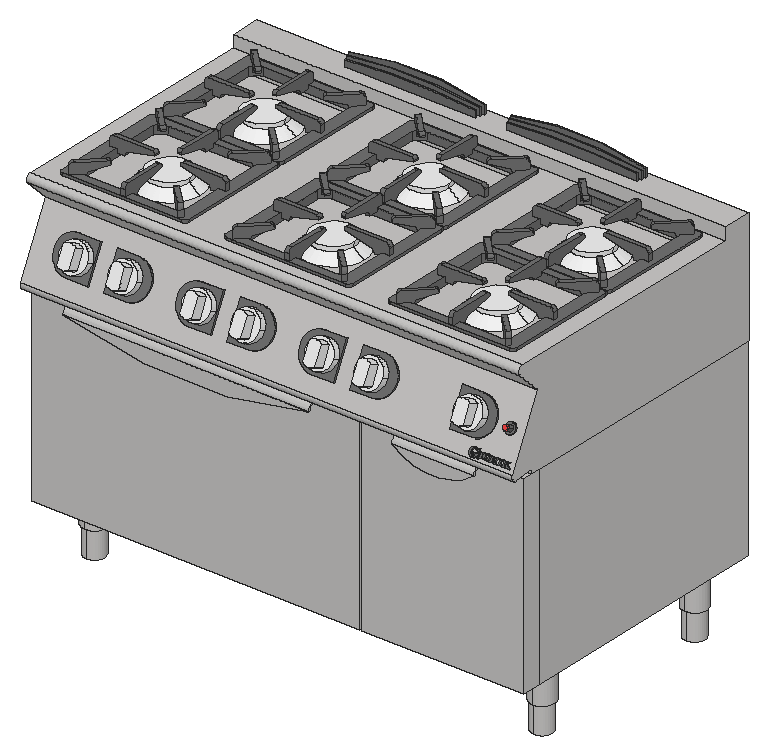
Revit family "QF_GIORIK_ECG760F", category Specialty Equipment, Revit 2014
Parameters (values of type "ECG760F")
  Weight in Pounds = 462.9702
  URL Cutsheet = "www.giorik.com"
  URL = "www.giorik.com"
  Status [instance] = ""
  Specification by User [instance] = ""
  Specification by Manufacturer = ""
  Show Logo [instance] = yes
  Show Clearance [instance] = yes
  Serial Number = ""
  Seismic Rating = ""
  SMACNA No = ""
  Revision Code [instance] = ""
  NAFEM Spec ID Number = ""
  Model = "ECG760F"
  Mechanical Remarks [instance] = "Natural Gas"
  Mechanical Connection Type [instance] = ""
  Masterspec = ""
  Manufacturer = "GIORIK"
  Item Number [instance] = ""
  Installed By [instance] = ""
  Identify Quantity as Lot [instance] = no
  Gas Size = 1"
  Gas RI Height [instance] = 0 mm
  Gas KW = 36.5
  Gas Input = 36500 W
  Gas Connection Height [instance] = 150 mm
  Furnished By [instance] = ""
  Foodservice Equipment Identifier [instance] = yes
  Description = "6 BURNER GAS RANGE ON GAS OVEN AND NEUTRAL CABINET"
  CSI MasterFormat = ""
  Assembly Code = "E1090320"
Reference planes
  plane 1 "Back": y = 0
  plane 2: z = 0
  plane 3 "Left": x = 0
  plane 4 "Right": x = 1200
  plane 5 "Front": y = -720
  plane 6 "Top": z = 900
Forms (mm)
  Extrusion 1, solid
    sketch origin (0, 1000, -20) x (0, 1, 0) y (0, 0, 1)
      loop
        line (-1000, 919.988) -> (-1070, 919.988) -> (-1070, 889.988) -> (-1688.806, 889.988)
        arc (-1688.806, 889.988) -> (-1699.151, 883.075) -> (-1696.724, 870.873) r 11.197
        line (-1696.724, 870.873) -> (-1640.876, 815.025) -> (-1718.948, 661.258)
        arc (-1718.948, 661.258) -> (-1718.233, 650.105) -> (-1708.118, 645.354) r 10.981
        line (-1708.118, 645.354) -> (-1660, 649.925) -> (-1660, 640) -> (-1000, 640) -> (-1000, 919.988)
    from 0 to 1200
  Extrusion 2, void
    sketch origin (0, 0, 900) x (0, 1, 0) y (-1, 0, 0)
      loop
        arc (-90, -65) -> (-92.929, -57.929) -> (-100, -55) r 10
        line (-100, -55) -> (-640.565, -55)
        arc (-640.565, -55) -> (-647.636, -57.929) -> (-650.565, -65) r 10
        line (-650.565, -65) -> (-650.565, -335)
        arc (-650.565, -335) -> (-647.636, -342.071) -> (-640.565, -345) r 10
        line (-640.565, -345) -> (-100, -345)
        arc (-100, -345) -> (-92.929, -342.071) -> (-90, -335) r 10
        line (-90, -335) -> (-90, -65)
    from -30.012 to -60
  Extrusion 3, solid
    sketch origin (0, 10, 22.988) x (1, 0, 0) y (0, 1, 0)
      loop
        line (45, -100) -> (45, -370)
        arc (45, -370) -> (47.929, -377.071) -> (55, -380) r 10
        line (55, -380) -> (345, -380)
        arc (345, -380) -> (352.071, -377.071) -> (355, -370) r 10
        line (355, -370) -> (355, -100)
        arc (355, -100) -> (352.071, -92.929) -> (345, -90) r 10
        line (345, -90) -> (55, -90)
        arc (55, -90) -> (47.929, -92.929) -> (45, -100) r 10
      loop
        arc (95, -110) -> (80.858, -115.858) -> (75, -130) r 20
        line (75, -130) -> (75, -340)
        arc (75, -340) -> (80.858, -354.142) -> (95, -360) r 20
        line (95, -360) -> (305, -360)
        arc (305, -360) -> (319.142, -354.142) -> (325, -340) r 20
        line (325, -340) -> (325, -130)
        arc (325, -130) -> (319.142, -115.858) -> (305, -110) r 20
        line (305, -110) -> (95, -110)
    from 831.989 to 851.989
  Extrusion 4, solid
    sketch origin (0, -750, 22.988) x (1, 0, 0) y (0, 1, 0)
      loop
        arc (45, 100) -> (47.929, 92.929) -> (55, 90) r 10
        line (55, 90) -> (345, 90)
        arc (345, 90) -> (352.071, 92.929) -> (355, 100) r 10
        line (355, 100) -> (355, 370)
        arc (355, 370) -> (352.071, 377.071) -> (345, 380) r 10
        line (345, 380) -> (55, 380)
        arc (55, 380) -> (47.929, 377.071) -> (45, 370) r 10
        line (45, 370) -> (45, 100)
      loop
        line (95, 110) -> (305, 110)
        arc (305, 110) -> (319.142, 115.858) -> (325, 130) r 20
        line (325, 130) -> (325, 340)
        arc (325, 340) -> (319.142, 354.142) -> (305, 360) r 20
        line (305, 360) -> (95, 360)
        arc (95, 360) -> (80.858, 354.142) -> (75, 340) r 20
        line (75, 340) -> (75, 130)
        arc (75, 130) -> (80.858, 115.858) -> (95, 110) r 20
    from 831.989 to 851.989
  Extrusion 5, solid
    sketch origin (800, 10, 22.988) x (-1, 0, 0) y (0, -1, 0)
      loop
        arc (45, 100) -> (47.929, 92.929) -> (55, 90) r 10
        line (55, 90) -> (345, 90)
        arc (345, 90) -> (352.071, 92.929) -> (355, 100) r 10
        line (355, 100) -> (355, 370)
        arc (355, 370) -> (352.071, 377.071) -> (345, 380) r 10
        line (345, 380) -> (55, 380)
        arc (55, 380) -> (47.929, 377.071) -> (45, 370) r 10
        line (45, 370) -> (45, 100)
      loop
        line (95, 110) -> (305, 110)
        arc (305, 110) -> (319.142, 115.858) -> (325, 130) r 20
        line (325, 130) -> (325, 340)
        arc (325, 340) -> (319.142, 354.142) -> (305, 360) r 20
        line (305, 360) -> (95, 360)
        arc (95, 360) -> (80.858, 354.142) -> (75, 340) r 20
        line (75, 340) -> (75, 130)
        arc (75, 130) -> (80.858, 115.858) -> (95, 110) r 20
    from 831.989 to 851.989
  Extrusion 6, solid
    sketch origin (800, -750, 22.988) x (-1, 0, 0) y (0, -1, 0)
      loop
        line (45, -100) -> (45, -370)
        arc (45, -370) -> (47.929, -377.071) -> (55, -380) r 10
        line (55, -380) -> (345, -380)
        arc (345, -380) -> (352.071, -377.071) -> (355, -370) r 10
        line (355, -370) -> (355, -100)
        arc (355, -100) -> (352.071, -92.929) -> (345, -90) r 10
        line (345, -90) -> (55, -90)
        arc (55, -90) -> (47.929, -92.929) -> (45, -100) r 10
      loop
        arc (95, -110) -> (80.858, -115.858) -> (75, -130) r 20
        line (75, -130) -> (75, -340)
        arc (75, -340) -> (80.858, -354.142) -> (95, -360) r 20
        line (95, -360) -> (305, -360)
        arc (305, -360) -> (319.142, -354.142) -> (325, -340) r 20
        line (325, -340) -> (325, -130)
        arc (325, -130) -> (319.142, -115.858) -> (305, -110) r 20
        line (305, -110) -> (95, -110)
    from 831.989 to 851.989
  Extrusion 7, solid
    sketch origin (-16, 1025.81, 0) x (1, 0, 0) y (0, 1, 0)
      loop
        line (25, -1086.81) -> (25, -1156.81) -> (115, -1156.81) -> (115, -1086.81) -> (25, -1086.81)
    from 148 to 150
  Extrusion 8, solid
    sketch origin (0, 0, 0) x (1, 0, 0) y (0, 1, 0)
      loop
        line (40, -40) -> (40, -640) -> (1160, -640) -> (1160, -40) -> (40, -40)
    from 150 to 190
  Extrusion 9, solid
    sketch origin (-4, 0, 130) x (1, 0, 0) y (0, 1, 0)
      loop
        circle (54, -385) r 12.5
    from 0 to 20
  Extrusion 10, solid
    sketch origin (0, 0, 599.536) x (1, 0, 0) y (0, 1, 0)
      loop
        line (0, -640) -> (40, -640) -> (40, -40) -> (1160, -40) -> (1160, -640) -> (1200, -640) -> (1200, 0) -> (0, 0) -> (0, -640)
    from -449.536 to 20.464
  Extrusion 11, solid
    sketch origin (-16, 560.81, 0) x (1, 0, 0) y (0, 1, 0)
      loop
        line (25, -1086.81) -> (25, -1156.81) -> (115, -1156.81) -> (115, -1086.81) -> (25, -1086.81)
    from 148 to 150
  Revolve 12, solid
    sketch origin (54, 560.81, 0) x (0, 1, 0) y (0, 0, 1)
      loop
        line (-1092.56, 66) -> (-1092.56, 148) -> (-1121.81, 148) -> (-1121.81, 0) -> (-1096.81, 0) -> (-1096.81, 66) -> (-1092.56, 66)
      axis (-1121.81, 0) -> (-1121.81, 148)
    angle from 0 to 360
  Extrusion 13, solid
    sketch origin (109, 0, -10.001) x (1, 0, 0) y (0, 0, 1)
      loop
        line (135, 909.989) -> (453, 909.989) -> (453, 925.527) -> (347.056, 931.749) -> (240.944, 931.749) -> (135, 925.527) -> (135, 909.989)
    from 32 to 35
  Extrusion 14, solid
    sketch origin (111, 10, -10.001) x (1, 0, 0) y (0, 0, 1)
      loop
        line (454, 909.989) -> (454, 928.527) -> (346.162, 939.193) -> (237.838, 939.193) -> (130, 928.527) -> (130, 909.989) -> (454, 909.989)
    from 32 to 35
  Extrusion 15, solid
    sketch origin (113, 20, -10.001) x (1, 0, 0) y (0, 0, 1)
      loop
        line (455, 909.989) -> (455, 930.527) -> (345.396, 947.413) -> (234.604, 947.413) -> (125, 930.527) -> (125, 909.989) -> (455, 909.989)
    from 32 to 35
  Revolve 16, solid
    sketch origin (54, 1025.81, 0) x (0, 1, 0) y (0, 0, 1)
      loop
        line (-1092.56, 66) -> (-1092.56, 148) -> (-1121.81, 148) -> (-1121.81, 0) -> (-1096.81, 0) -> (-1096.81, 66) -> (-1092.56, 66)
      axis (-1121.81, 0) -> (-1121.81, 148)
    angle from 0 to 360
  Extrusion 17, solid
    sketch origin (1091, 0, -10.001) x (-1, 0, 0) y (0, 0, -1)
      loop
        line (135, -909.989) -> (135, -925.527) -> (240.944, -931.749) -> (347.056, -931.749) -> (453, -925.527) -> (453, -909.989) -> (135, -909.989)
    from 32 to 35
  Extrusion 18, solid
    sketch origin (1089, 10, -10.001) x (-1, 0, 0) y (0, 0, -1)
      loop
        line (454, -909.989) -> (130, -909.989) -> (130, -928.527) -> (237.838, -939.193) -> (346.162, -939.193) -> (454, -928.527) -> (454, -909.989)
    from 32 to 35
  Extrusion 19, solid
    sketch origin (1087, 20, -10.001) x (-1, 0, 0) y (0, 0, -1)
      loop
        line (455, -909.989) -> (125, -909.989) -> (125, -930.527) -> (234.604, -947.413) -> (345.396, -947.413) -> (455, -930.527) -> (455, -909.989)
    from 32 to 35
  Extrusion 20, solid
    sketch origin (286.779, -963.345, 52.852) x (1, 0, 0) y (0, 0.452718, 0.891654)
      loop
        line (463.221, 676.25) -> (463.221, 766.25) -> (409.698, 766.25)
        arc (409.698, 766.25) -> (364.698, 721.25) -> (409.698, 676.25) r 45
        line (409.698, 676.25) -> (463.221, 676.25)
    from 48 to 50
  Extrusion 21, solid, visible <- "Show Logo"
    sketch origin (996.604, -736.761, 609.486) x (-1, 0, 0) y (0, 0.452718, 0.891654)
      loop
        line (-118.824, 58.358) -> (-127.804, 58.358) -> (-125.523, 56.445) -> (-125.523, 48.027) -> (-127.804, 46.113) -> (-118.824, 46.113) -> (-121.105, 48.027) -> (-121.105, 56.445) -> (-118.824, 58.358)
      loop
        line (-163.721, 58.358) -> (-172.7, 58.358) -> (-170.42, 56.445) -> (-170.42, 48.027) -> (-172.7, 46.113) -> (-163.721, 46.113) -> (-166.001, 48.027) -> (-166.001, 56.445) -> (-163.721, 58.358)
      loop
        line (-174.332, 58.358) -> (-183.312, 58.358) -> (-181.031, 56.445) -> (-181.031, 52.435) -> (-186.419, 56.955) -> (-184.416, 58.358) -> (-191.268, 58.358) -> (-188.01, 56.839) -> (-185.455, 54.283) -> (-190.846, 47.858) -> (-193.396, 46.93) -> (-193.396, 46.113) -> (-184.416, 46.113) -> (-185.437, 47.571) -> (-182.443, 51.552) -> (-181.031, 50.894) -> (-181.031, 48.027) -> (-183.312, 46.113) -> (-174.332, 46.113) -> (-176.613, 48.027) -> (-176.613, 56.445) -> (-174.332, 58.358)
      loop
        line (-115.429, 62.063) -> (-115.429, 54.198)
        arc (-115.429, 54.198) -> (-111.618, 57.803) -> (-106.847, 59.986) r 16.039
        arc (-106.847, 59.986) -> (-103.314, 59.837) -> (-100.512, 57.68) r 5.851
        arc (-100.512, 57.68) -> (-98.815, 52.267) -> (-100.512, 46.853) r 9.479
        arc (-100.512, 46.853) -> (-102.406, 44.986) -> (-104.846, 43.93) r 7.236
        arc (-104.846, 43.93) -> (-107.728, 44.111) -> (-110.052, 45.825) r 5.11
        line (-110.052, 45.825) -> (-110.052, 52.001) -> (-116.141, 52.001) -> (-116.141, 45.503) -> (-117.893, 43.751) -> (-114.094, 44.769)
        arc (-114.094, 44.769) -> (-112.56, 44.947) -> (-111.129, 44.366) r 3.115
        arc (-111.129, 44.366) -> (-104.216, 42.091) -> (-97.303, 44.366) r 11.641
        arc (-97.303, 44.366) -> (-93.396, 52.107) -> (-97.303, 59.849) r 9.622
        arc (-97.303, 59.849) -> (-104.369, 62.174) -> (-111.435, 59.849) r 11.898
        line (-111.435, 59.849) -> (-115.429, 62.063)
      loop
        arc (-129.234, 56.068) -> (-135.893, 58.628) -> (-142.552, 56.068) r 9.941
        arc (-142.552, 56.068) -> (-144.234, 52.286) -> (-142.552, 48.505) r 5.093
        arc (-142.552, 48.505) -> (-135.893, 45.945) -> (-129.234, 48.505) r 9.941
        arc (-129.234, 48.505) -> (-127.552, 52.286) -> (-129.234, 56.068) r 5.093
      loop
        arc (-132.628, 54.403) -> (-135.893, 57.668) -> (-139.158, 54.403) r 3.265
        line (-139.158, 54.403) -> (-139.158, 50.169)
        arc (-139.158, 50.169) -> (-135.893, 46.904) -> (-132.628, 50.169) r 3.265
        line (-132.628, 50.169) -> (-132.628, 54.403)
      loop
        arc (-156.363, 58.365) -> (-159.647, 55.081) -> (-156.363, 51.796) r 3.285
        line (-156.363, 51.796) -> (-159.529, 47.306) -> (-162.087, 46.113) -> (-155.847, 46.113) -> (-153.529, 51.083) -> (-150.637, 51.083) -> (-150.637, 47.784) -> (-153.022, 46.113) -> (-144.011, 46.113) -> (-146.094, 47.68) -> (-146.094, 56.493) -> (-144.229, 58.365) -> (-156.363, 58.365)
      loop
        line (-150.637, 57.512) -> (-153.637, 57.512)
        arc (-153.637, 57.512) -> (-156.237, 54.912) -> (-153.637, 52.312) r 2.6
        line (-153.637, 52.312) -> (-150.637, 52.312) -> (-150.637, 57.512)
      loop
        line (-108.924, 52.001) -> (-104.936, 49.005) -> (-100.948, 52.001) -> (-108.924, 52.001)
    from 1.5 to -0.5
  Extrusion 22, solid
    sketch origin (1061.331, -1008.697, 75.448) x (-1, 0, 0) y (0, -0.45351, -0.891251)
      loop
        circle (351.331, -721.346) r 35
    from 0 to 15
  Extrusion 23, solid
    sketch origin (1061.331, -1008.697, 75.448) x (-1, 0, 0) y (0, -0.45351, -0.891251)
      loop
        arc (336.331, -743.846) -> (351.331, -748.846) -> (366.331, -743.846) r 25
        line (366.331, -743.846) -> (366.331, -698.846)
        arc (366.331, -698.846) -> (351.331, -693.846) -> (336.331, -698.846) r 25
        line (336.331, -698.846) -> (336.331, -743.846)
    from 15 to 40
  Extrusion 24, solid
    sketch origin (1076, 1025.81, 0) x (1, 0, 0) y (0, 1, 0)
      loop
        line (25, -1086.81) -> (25, -1156.81) -> (115, -1156.81) -> (115, -1086.81) -> (25, -1086.81)
    from 148 to 150
  Extrusion 25, solid
    sketch origin (1076, 560.81, 0) x (1, 0, 0) y (0, 1, 0)
      loop
        line (25, -1086.81) -> (25, -1156.81) -> (115, -1156.81) -> (115, -1086.81) -> (25, -1086.81)
    from 148 to 150
  Revolve 26, solid
    sketch origin (1146, 560.81, 0) x (0, 1, 0) y (0, 0, 1)
      loop
        line (-1092.56, 66) -> (-1092.56, 148) -> (-1121.81, 148) -> (-1121.81, 0) -> (-1096.81, 0) -> (-1096.81, 66) -> (-1092.56, 66)
      axis (-1121.81, 0) -> (-1121.81, 148)
    angle from 0 to 360
  Revolve 27, solid
    sketch origin (1146, 1025.81, 0) x (0, 1, 0) y (0, 0, 1)
      loop
        line (-1092.56, 66) -> (-1092.56, 148) -> (-1121.81, 148) -> (-1121.81, 0) -> (-1096.81, 0) -> (-1096.81, 66) -> (-1092.56, 66)
      axis (-1121.81, 0) -> (-1121.81, 148)
    angle from 0 to 360
  Extrusion 28, solid
    sketch origin (-313.221, -963.345, 52.852) x (1, 0, 0) y (0, 0.452718, 0.891654)
      loop
        line (463.221, 676.25) -> (463.221, 766.25) -> (409.698, 766.25)
        arc (409.698, 766.25) -> (364.698, 721.25) -> (409.698, 676.25) r 45
        line (409.698, 676.25) -> (463.221, 676.25)
    from 48 to 50
  Extrusion 29, solid
    sketch origin (653.221, -963.345, 52.852) x (-1, 0, 0) y (0, -0.452718, -0.891654)
      loop
        line (463.221, -676.25) -> (409.698, -676.25)
        arc (409.698, -676.25) -> (364.698, -721.25) -> (409.698, -766.25) r 45
        line (409.698, -766.25) -> (463.221, -766.25) -> (463.221, -676.25)
    from 48 to 50
  Extrusion 30, solid
    sketch origin (-121.331, -1008.697, 75.448) x (1, 0, 0) y (0, 0.45351, 0.891251)
      loop
        circle (351.331, 721.346) r 35
    from 0 to 15
  Extrusion 31, solid
    sketch origin (-121.331, -1008.697, 75.448) x (1, 0, 0) y (0, 0.45351, 0.891251)
      loop
        line (336.331, 743.846) -> (336.331, 698.846)
        arc (336.331, 698.846) -> (351.331, 693.846) -> (366.331, 698.846) r 25
        line (366.331, 698.846) -> (366.331, 743.846)
        arc (366.331, 743.846) -> (351.331, 748.846) -> (336.331, 743.846) r 25
    from 15 to 40
  Extrusion 32, solid
    sketch origin (461.331, -1008.697, 75.448) x (-1, 0, 0) y (0, -0.45351, -0.891251)
      loop
        circle (351.331, -721.346) r 35
    from 0 to 15
  Extrusion 33, solid
    sketch origin (461.331, -1008.697, 75.448) x (-1, 0, 0) y (0, -0.45351, -0.891251)
      loop
        arc (336.331, -743.846) -> (351.331, -748.846) -> (366.331, -743.846) r 25
        line (366.331, -743.846) -> (366.331, -698.846)
        arc (366.331, -698.846) -> (351.331, -693.846) -> (336.331, -698.846) r 25
        line (336.331, -698.846) -> (336.331, -743.846)
    from 15 to 40
  Extrusion 34, solid
    sketch origin (953.221, -963.345, 52.852) x (-1, 0, 0) y (0, -0.452718, -0.891654)
      loop
        line (463.221, -676.25) -> (409.698, -676.25)
        arc (409.698, -676.25) -> (364.698, -721.25) -> (409.698, -766.25) r 45
        line (409.698, -766.25) -> (463.221, -766.25) -> (463.221, -676.25)
    from 48 to 50
  Extrusion 35, solid
    sketch origin (-13.221, -963.345, 52.852) x (1, 0, 0) y (0, 0.452718, 0.891654)
      loop
        line (463.221, 676.25) -> (463.221, 766.25) -> (409.698, 766.25)
        arc (409.698, 766.25) -> (364.698, 721.25) -> (409.698, 676.25) r 45
        line (409.698, 676.25) -> (463.221, 676.25)
    from 48 to 50
  Extrusion 36, solid
    sketch origin (761.331, -1008.697, 75.448) x (-1, 0, 0) y (0, -0.45351, -0.891251)
      loop
        circle (351.331, -721.346) r 35
    from 0 to 15
  Extrusion 37, solid
    sketch origin (761.331, -1008.697, 75.448) x (-1, 0, 0) y (0, -0.45351, -0.891251)
      loop
        arc (336.331, -743.846) -> (351.331, -748.846) -> (366.331, -743.846) r 25
        line (366.331, -743.846) -> (366.331, -698.846)
        arc (366.331, -698.846) -> (351.331, -693.846) -> (336.331, -698.846) r 25
        line (336.331, -698.846) -> (336.331, -743.846)
    from 15 to 40
  Extrusion 38, solid
    sketch origin (178.669, -1008.697, 75.448) x (1, 0, 0) y (0, 0.45351, 0.891251)
      loop
        circle (351.331, 721.346) r 35
    from 0 to 15
  Extrusion 39, solid
    sketch origin (178.669, -1008.697, 75.448) x (1, 0, 0) y (0, 0.45351, 0.891251)
      loop
        line (336.331, 743.846) -> (336.331, 698.846)
        arc (336.331, 698.846) -> (351.331, 693.846) -> (366.331, 698.846) r 25
        line (366.331, 698.846) -> (366.331, 743.846)
        arc (366.331, 743.846) -> (351.331, 748.846) -> (336.331, 743.846) r 25
    from 15 to 40
  Extrusion 40, solid
    sketch origin (1200, 10, 22.988) x (-1, 0, 0) y (0, -1, 0)
      loop
        arc (45, 100) -> (47.929, 92.929) -> (55, 90) r 10
        line (55, 90) -> (345, 90)
        arc (345, 90) -> (352.071, 92.929) -> (355, 100) r 10
        line (355, 100) -> (355, 370)
        arc (355, 370) -> (352.071, 377.071) -> (345, 380) r 10
        line (345, 380) -> (55, 380)
        arc (55, 380) -> (47.929, 377.071) -> (45, 370) r 10
        line (45, 370) -> (45, 100)
      loop
        line (95, 110) -> (305, 110)
        arc (305, 110) -> (319.142, 115.858) -> (325, 130) r 20
        line (325, 130) -> (325, 340)
        arc (325, 340) -> (319.142, 354.142) -> (305, 360) r 20
        line (305, 360) -> (95, 360)
        arc (95, 360) -> (80.858, 354.142) -> (75, 340) r 20
        line (75, 340) -> (75, 130)
        arc (75, 130) -> (80.858, 115.858) -> (95, 110) r 20
    from 831.989 to 851.989
  Extrusion 41, solid
    sketch origin (1200, -750, 22.988) x (-1, 0, 0) y (0, -1, 0)
      loop
        line (45, -100) -> (45, -370)
        arc (45, -370) -> (47.929, -377.071) -> (55, -380) r 10
        line (55, -380) -> (345, -380)
        arc (345, -380) -> (352.071, -377.071) -> (355, -370) r 10
        line (355, -370) -> (355, -100)
        arc (355, -100) -> (352.071, -92.929) -> (345, -90) r 10
        line (345, -90) -> (55, -90)
        arc (55, -90) -> (47.929, -92.929) -> (45, -100) r 10
      loop
        arc (95, -110) -> (80.858, -115.858) -> (75, -130) r 20
        line (75, -130) -> (75, -340)
        arc (75, -340) -> (80.858, -354.142) -> (95, -360) r 20
        line (95, -360) -> (305, -360)
        arc (305, -360) -> (319.142, -354.142) -> (325, -340) r 20
        line (325, -340) -> (325, -130)
        arc (325, -130) -> (319.142, -115.858) -> (305, -110) r 20
        line (305, -110) -> (95, -110)
    from 831.989 to 851.989
  Extrusion 42, solid
    sketch origin (0, -725, 0) x (1, 0, 0) y (0, 0, 1)
      loop
        line (0, 620) -> (0, 150) -> (800, 150) -> (800, 620) -> (0, 620)
    from -85 to -40
  Extrusion 43, solid
    sketch origin (2.5, -725, -20.1) x (0, 1, 0) y (0, 0, 1)
      loop
        arc (25, 640.1) -> (14.393, 635.707) -> (10, 625.1) r 15
        line (10, 625.1) -> (12, 625.1)
        arc (12, 625.1) -> (15.808, 634.292) -> (25, 638.1) r 13
        line (25, 638.1) -> (40, 638.1) -> (40, 640.1) -> (25, 640.1)
    from 97.5 to 697.5
  Extrusion 44, solid
    sketch origin (2.5, -724.905, -20.1) x (1, 0, 0) y (0, 0, 1)
      loop
        arc (97.5, 625.1) -> (397.5, 582.413) -> (697.5, 625.1) r 1075.531
        line (697.5, 625.1) -> (97.5, 625.1)
    from -11.905 to -9.905
  Extrusion 45, solid, visible <- "Show Clearance", detail levels coarse
    sketch origin (0, 0, 0) x (0, 1, 0) y (0, 0, 1)
      loop
        line (-685, 150) -> (-685, 620)
        arc (-685, 620) -> (-1017.34, 482.34) -> (-1155, 150) r 470
        line (-1155, 150) -> (-685, 150)
    from 0 to 800
  Extrusion 46, void
    sketch origin (400, 0, 900) x (0, 1, 0) y (-1, 0, 0)
      loop
        arc (-90, -65) -> (-92.929, -57.929) -> (-100, -55) r 10
        line (-100, -55) -> (-640.565, -55)
        arc (-640.565, -55) -> (-647.636, -57.929) -> (-650.565, -65) r 10
        line (-650.565, -65) -> (-650.565, -335)
        arc (-650.565, -335) -> (-647.636, -342.071) -> (-640.565, -345) r 10
        line (-640.565, -345) -> (-100, -345)
        arc (-100, -345) -> (-92.929, -342.071) -> (-90, -335) r 10
        line (-90, -335) -> (-90, -65)
    from -30.012 to -60
  Extrusion 47, void
    sketch origin (800, 0, 900) x (0, 1, 0) y (-1, 0, 0)
      loop
        arc (-90, -65) -> (-92.929, -57.929) -> (-100, -55) r 10
        line (-100, -55) -> (-640.565, -55)
        arc (-640.565, -55) -> (-647.636, -57.929) -> (-650.565, -65) r 10
        line (-650.565, -65) -> (-650.565, -335)
        arc (-650.565, -335) -> (-647.636, -342.071) -> (-640.565, -345) r 10
        line (-640.565, -345) -> (-100, -345)
        arc (-100, -345) -> (-92.929, -342.071) -> (-90, -335) r 10
        line (-90, -335) -> (-90, -65)
    from -30.012 to -60
  Extrusion 48, solid
    sketch origin (805, -725, 0) x (1, 0, 0) y (0, 0, 1)
      loop
        line (0, 620) -> (0, 150) -> (395, 150) -> (395, 620) -> (0, 620)
    from -85 to -40
  Extrusion 49, solid
    sketch origin (805, -725, -20.1) x (0, 1, 0) y (0, 0, 1)
      loop
        arc (25, 640.1) -> (14.393, 635.707) -> (10, 625.1) r 15
        line (10, 625.1) -> (12, 625.1)
        arc (12, 625.1) -> (15.808, 634.292) -> (25, 638.1) r 13
        line (25, 638.1) -> (40, 638.1) -> (40, 640.1) -> (25, 640.1)
    from 97.5 to 297.5
  Extrusion 50, solid
    sketch origin (805, -724.905, -20.1) x (1, 0, 0) y (0, 0, 1)
      loop
        arc (97.5, 625.1) -> (197.5, 590.089) -> (297.5, 625.1) r 160.316
        line (297.5, 625.1) -> (97.5, 625.1)
    from -11.905 to -9.905
  Extrusion 51, solid, visible <- "Show Clearance", detail levels coarse
    sketch origin (1200, -725, 0) x (-1, 0, 0) y (0, -1, 0)
      loop
        line (0, -40) -> (395, -40)
        arc (395, -40) -> (279.307, 239.307) -> (0, 355) r 395
        line (0, 355) -> (0, -40)
    from 150 to 620
  Blend 52, solid
    base sketch origin (799.954, -501.449, 910) x (0, -1, 0) y (1, 0, 0)
      loop
        circle (-276.449, 200.046) r 75
    top sketch origin (799.954, -501.449, 910) x (0, -1, 0) y (1, 0, 0)
      loop
        circle (-276.449, 200.046) r 50
    from -70 to -50
  Extrusion 53, solid
    sketch origin (799.954, 51.449, -19.988) x (1, 0, 0) y (0, 1, 0)
      loop
        circle (200.046, -276.449) r 50
    from 889.988 to 879.988
  Blend 54, solid
    base sketch origin (799.954, -238.551, 910) x (0, 1, 0) y (-1, 0, 0)
      loop
        circle (-276.449, -200.046) r 75
    top sketch origin (799.954, -238.551, 910) x (0, 1, 0) y (-1, 0, 0)
      loop
        circle (-276.449, -200.046) r 50
    from -70 to -50
  Extrusion 55, solid
    sketch origin (799.954, -791.448, -19.988) x (1, 0, 0) y (0, 1, 0)
      loop
        circle (200.046, 276.449) r 50
    from 889.988 to 879.988
  Blend 56, solid
    base sketch origin (-0.046, -501.449, 910) x (0, -1, 0) y (1, 0, 0)
      loop
        circle (-276.449, 200.046) r 75
    top sketch origin (-0.046, -501.449, 910) x (0, -1, 0) y (1, 0, 0)
      loop
        circle (-276.449, 200.046) r 50
    from -70 to -50
  Extrusion 57, solid
    sketch origin (-0.046, 51.449, -19.988) x (1, 0, 0) y (0, 1, 0)
      loop
        circle (200.046, -276.449) r 50
    from 889.988 to 879.988
  Blend 58, solid
    base sketch origin (399.954, -238.551, 910) x (0, 1, 0) y (-1, 0, 0)
      loop
        circle (-276.449, -200.046) r 75
    top sketch origin (399.954, -238.551, 910) x (0, 1, 0) y (-1, 0, 0)
      loop
        circle (-276.449, -200.046) r 50
    from -70 to -50
  Extrusion 59, solid
    sketch origin (399.954, -791.448, -19.988) x (1, 0, 0) y (0, 1, 0)
      loop
        circle (200.046, 276.449) r 50
    from 889.988 to 879.988
  Blend 60, solid
    base sketch origin (399.954, -501.449, 910) x (0, -1, 0) y (1, 0, 0)
      loop
        circle (-276.449, 200.046) r 75
    top sketch origin (399.954, -501.449, 910) x (0, -1, 0) y (1, 0, 0)
      loop
        circle (-276.449, 200.046) r 50
    from -70 to -50
  Extrusion 61, solid
    sketch origin (399.954, 51.449, -19.988) x (1, 0, 0) y (0, 1, 0)
      loop
        circle (200.046, -276.449) r 50
    from 889.988 to 879.988
  Blend 62, solid
    base sketch origin (-0.046, -238.551, 910) x (0, 1, 0) y (-1, 0, 0)
      loop
        circle (-276.449, -200.046) r 75
    top sketch origin (-0.046, -238.551, 910) x (0, 1, 0) y (-1, 0, 0)
      loop
        circle (-276.449, -200.046) r 50
    from -70 to -50
  Extrusion 63, solid
    sketch origin (-0.046, -791.448, -19.988) x (1, 0, 0) y (0, 1, 0)
      loop
        circle (200.046, 276.449) r 50
    from 889.988 to 879.988
  Extrusion 64, solid
    sketch origin (1253.221, -963.345, 52.852) x (-1, 0, 0) y (0, -0.452718, -0.891654)
      loop
        line (463.221, -676.25) -> (409.698, -676.25)
        arc (409.698, -676.25) -> (364.698, -721.25) -> (409.698, -766.25) r 45
        line (409.698, -766.25) -> (463.221, -766.25) -> (463.221, -676.25)
    from 48 to 50
  Extrusion 65, solid
    sketch origin (478.669, -1008.697, 75.448) x (1, 0, 0) y (0, 0.45351, 0.891251)
      loop
        circle (351.331, 721.346) r 35
    from 0 to 15
  Extrusion 66, solid
    sketch origin (478.669, -1008.697, 75.448) x (1, 0, 0) y (0, 0.45351, 0.891251)
      loop
        line (336.331, 743.846) -> (336.331, 698.846)
        arc (336.331, 698.846) -> (351.331, 693.846) -> (366.331, 698.846) r 25
        line (366.331, 698.846) -> (366.331, 743.846)
        arc (366.331, 743.846) -> (351.331, 748.846) -> (336.331, 743.846) r 25
    from 15 to 40
  Extrusion 67, solid
    sketch origin (1495.378, -963.345, 52.4) x (-1, 0, 0) y (0, -0.452718, -0.891654)
      loop
        line (463.221, -676.25) -> (409.698, -676.25)
        arc (409.698, -676.25) -> (364.698, -721.25) -> (409.698, -766.25) r 45
        line (409.698, -766.25) -> (463.221, -766.25) -> (463.221, -676.25)
    from 48 to 50
  Extrusion 68, solid
    sketch origin (720.826, -1008.697, 74.995) x (1, 0, 0) y (0, 0.45351, 0.891251)
      loop
        circle (351.331, 721.346) r 35
    from 0 to 15
  Extrusion 69, solid
    sketch origin (720.826, -1008.697, 74.995) x (1, 0, 0) y (0, 0.45351, 0.891251)
      loop
        line (336.331, 743.846) -> (336.331, 698.846)
        arc (336.331, 698.846) -> (351.331, 693.846) -> (366.331, 698.846) r 25
        line (366.331, 698.846) -> (366.331, 743.846)
        arc (366.331, 743.846) -> (351.331, 748.846) -> (336.331, 743.846) r 25
    from 15 to 40
  Extrusion 70, solid
    sketch origin (1126.798, -980.519, 70.62) x (1, 0, 0) y (0, 0.452718, 0.891654)
      loop
        circle (38.702, 711.666) r 12.5
    from 25 to 27
  Extrusion 71, solid
    sketch origin (400.59, -1007.501, 77.117) x (1, 0, 0) y (0, 0.452718, 0.891654)
      loop
        circle (764.91, 718.089) r 6
    from 0 to 15
  Extrusion 72, solid
    sketch origin (400.59, -1009.851, 75.056) x (1, 0, 0) y (0, 0.452718, 0.891654)
      loop
        circle (764.91, 720.99) r 6
    from 13.838 to 15.838
  Extrusion 73, solid
    sketch origin (640.72, -671.989, -71.001) x (0, 1, 0) y (0, 0, -1)
      loop
        line (15.989, -935.989) -> (15.989, -961)
        arc (15.989, -961) -> (18.918, -968.071) -> (25.989, -971) r 10
        line (25.989, -971) -> (119.989, -971)
        arc (119.989, -971) -> (124.232, -969.243) -> (125.989, -965) r 6
        line (125.989, -965) -> (125.989, -962) -> (55.875, -945.989) -> (52.235, -935.989) -> (15.989, -935.989)
    from 35.72 to 45.72
  Extrusion 74, solid
    sketch origin (430.305, -634.988, -2.81) x (0.707107, 0.707107, 0) y (0, 0, 1)
      loop
        line (85.748, 902.808) -> (21.748, 902.808)
        arc (21.748, 902.808) -> (14.677, 899.879) -> (11.748, 892.808) r 10
        line (11.748, 892.808) -> (11.748, 867.797) -> (40.514, 867.797) -> (46.895, 881.064) -> (91.748, 893.808) -> (91.748, 896.808)
        arc (91.748, 896.808) -> (89.991, 901.051) -> (85.748, 902.808) r 6
    from 30.148 to 40.148
  Extrusion 75, solid
    sketch origin (640.72, -358.011, -71.001) x (0, -1, 0) y (0, 0, 1)
      loop
        line (15.989, 935.989) -> (52.235, 935.989) -> (55.875, 945.989) -> (125.989, 962) -> (125.989, 965)
        arc (125.989, 965) -> (124.232, 969.243) -> (119.989, 971) r 6
        line (119.989, 971) -> (25.989, 971)
        arc (25.989, 971) -> (18.918, 968.071) -> (15.989, 961) r 10
        line (15.989, 961) -> (15.989, 935.989)
    from 35.72 to 45.72
  Extrusion 76, solid
    sketch origin (756.989, -555.72, -71.001) x (-1, 0, 0) y (0, 0, 1)
      loop
        line (15.989, 935.989) -> (52.235, 935.989) -> (55.875, 945.989) -> (125.989, 962) -> (125.989, 965)
        arc (125.989, 965) -> (124.232, 969.243) -> (119.989, 971) r 6
        line (119.989, 971) -> (25.989, 971)
        arc (25.989, 971) -> (18.918, 968.071) -> (15.989, 961) r 10
        line (15.989, 961) -> (15.989, 935.989)
    from 35.72 to 45.72
  Extrusion 77, solid
    sketch origin (443.011, -555.72, -71.001) x (1, 0, 0) y (0, 0, -1)
      loop
        line (15.989, -935.989) -> (15.989, -961)
        arc (15.989, -961) -> (18.918, -968.071) -> (25.989, -971) r 10
        line (25.989, -971) -> (119.989, -971)
        arc (119.989, -971) -> (124.232, -969.243) -> (125.989, -965) r 6
        line (125.989, -965) -> (125.989, -962) -> (55.875, -945.989) -> (52.235, -935.989) -> (15.989, -935.989)
    from 35.72 to 45.72
  Extrusion 78, solid
    sketch origin (769.695, -634.988, -2.81) x (-0.707107, 0.707107, 0) y (0, 0, -1)
      loop
        arc (85.748, -902.808) -> (89.991, -901.051) -> (91.748, -896.808) r 6
        line (91.748, -896.808) -> (91.748, -893.808) -> (46.895, -881.064) -> (40.514, -867.797) -> (11.748, -867.797) -> (11.748, -892.808)
        arc (11.748, -892.808) -> (14.677, -899.879) -> (21.748, -902.808) r 10
        line (21.748, -902.808) -> (85.748, -902.808)
    from 30.148 to 40.148
  Extrusion 79, solid
    sketch origin (769.695, -395.012, -2.81) x (-0.707107, -0.707107, 0) y (0, 0, 1)
      loop
        line (85.748, 902.808) -> (21.748, 902.808)
        arc (21.748, 902.808) -> (14.677, 899.879) -> (11.748, 892.808) r 10
        line (11.748, 892.808) -> (11.748, 867.797) -> (40.514, 867.797) -> (46.895, 881.064) -> (91.748, 893.808) -> (91.748, 896.808)
        arc (91.748, 896.808) -> (89.991, 901.051) -> (85.748, 902.808) r 6
    from 30.148 to 40.148
  Extrusion 80, solid
    sketch origin (430.305, -395.012, -2.81) x (0.707107, -0.707107, 0) y (0, 0, -1)
      loop
        arc (85.748, -902.808) -> (89.991, -901.051) -> (91.748, -896.808) r 6
        line (91.748, -896.808) -> (91.748, -893.808) -> (46.895, -881.064) -> (40.514, -867.797) -> (11.748, -867.797) -> (11.748, -892.808)
        arc (11.748, -892.808) -> (14.677, -899.879) -> (21.748, -902.808) r 10
        line (21.748, -902.808) -> (85.748, -902.808)
    from 30.148 to 40.148
  Extrusion 81, solid
    sketch origin (640.72, -68.011, -71.001) x (0, -1, 0) y (0, 0, 1)
      loop
        line (15.989, 935.989) -> (52.235, 935.989) -> (55.875, 945.989) -> (125.989, 962) -> (125.989, 965)
        arc (125.989, 965) -> (124.232, 969.243) -> (119.989, 971) r 6
        line (119.989, 971) -> (25.989, 971)
        arc (25.989, 971) -> (18.918, 968.071) -> (15.989, 961) r 10
        line (15.989, 961) -> (15.989, 935.989)
    from 35.72 to 45.72
  Extrusion 82, solid
    sketch origin (430.305, -105.012, -2.81) x (0.707107, -0.707107, 0) y (0, 0, -1)
      loop
        arc (85.748, -902.808) -> (89.991, -901.051) -> (91.748, -896.808) r 6
        line (91.748, -896.808) -> (91.748, -893.808) -> (46.895, -881.064) -> (40.514, -867.797) -> (11.748, -867.797) -> (11.748, -892.808)
        arc (11.748, -892.808) -> (14.677, -899.879) -> (21.748, -902.808) r 10
        line (21.748, -902.808) -> (85.748, -902.808)
    from 30.148 to 40.148
  Extrusion 83, solid
    sketch origin (640.72, -381.989, -71.001) x (0, 1, 0) y (0, 0, -1)
      loop
        line (15.989, -935.989) -> (15.989, -961)
        arc (15.989, -961) -> (18.918, -968.071) -> (25.989, -971) r 10
        line (25.989, -971) -> (119.989, -971)
        arc (119.989, -971) -> (124.232, -969.243) -> (125.989, -965) r 6
        line (125.989, -965) -> (125.989, -962) -> (55.875, -945.989) -> (52.235, -935.989) -> (15.989, -935.989)
    from 35.72 to 45.72
  Extrusion 84, solid
    sketch origin (756.989, -184.279, -71.001) x (-1, 0, 0) y (0, 0, -1)
      loop
        line (15.989, -935.989) -> (15.989, -961)
        arc (15.989, -961) -> (18.918, -968.071) -> (25.989, -971) r 10
        line (25.989, -971) -> (119.989, -971)
        arc (119.989, -971) -> (124.232, -969.243) -> (125.989, -965) r 6
        line (125.989, -965) -> (125.989, -962) -> (55.875, -945.989) -> (52.235, -935.989) -> (15.989, -935.989)
    from 35.72 to 45.72
  Extrusion 85, solid
    sketch origin (443.011, -184.279, -71.001) x (1, 0, 0) y (0, 0, 1)
      loop
        line (15.989, 935.989) -> (52.235, 935.989) -> (55.875, 945.989) -> (125.989, 962) -> (125.989, 965)
        arc (125.989, 965) -> (124.232, 969.243) -> (119.989, 971) r 6
        line (119.989, 971) -> (25.989, 971)
        arc (25.989, 971) -> (18.918, 968.071) -> (15.989, 961) r 10
        line (15.989, 961) -> (15.989, 935.989)
    from 35.72 to 45.72
  Extrusion 86, solid
    sketch origin (769.695, -105.012, -2.81) x (-0.707107, -0.707107, 0) y (0, 0, 1)
      loop
        line (85.748, 902.808) -> (21.748, 902.808)
        arc (21.748, 902.808) -> (14.677, 899.879) -> (11.748, 892.808) r 10
        line (11.748, 892.808) -> (11.748, 867.797) -> (40.514, 867.797) -> (46.895, 881.064) -> (91.748, 893.808) -> (91.748, 896.808)
        arc (91.748, 896.808) -> (89.991, 901.051) -> (85.748, 902.808) r 6
    from 30.148 to 40.148
  Extrusion 87, solid
    sketch origin (769.695, -344.988, -2.81) x (-0.707107, 0.707107, 0) y (0, 0, -1)
      loop
        arc (85.748, -902.808) -> (89.991, -901.051) -> (91.748, -896.808) r 6
        line (91.748, -896.808) -> (91.748, -893.808) -> (46.895, -881.064) -> (40.514, -867.797) -> (11.748, -867.797) -> (11.748, -892.808)
        arc (11.748, -892.808) -> (14.677, -899.879) -> (21.748, -902.808) r 10
        line (21.748, -902.808) -> (85.748, -902.808)
    from 30.148 to 40.148
  Extrusion 88, solid
    sketch origin (430.305, -344.988, -2.81) x (0.707107, 0.707107, 0) y (0, 0, 1)
      loop
        line (85.748, 902.808) -> (21.748, 902.808)
        arc (21.748, 902.808) -> (14.677, 899.879) -> (11.748, 892.808) r 10
        line (11.748, 892.808) -> (11.748, 867.797) -> (40.514, 867.797) -> (46.895, 881.064) -> (91.748, 893.808) -> (91.748, 896.808)
        arc (91.748, 896.808) -> (89.991, 901.051) -> (85.748, 902.808) r 6
    from 30.148 to 40.148
  Extrusion 89, solid
    sketch origin (830.305, -634.988, -2.81) x (0.707107, 0.707107, 0) y (0, 0, 1)
      loop
        line (85.748, 902.808) -> (21.748, 902.808)
        arc (21.748, 902.808) -> (14.677, 899.879) -> (11.748, 892.808) r 10
        line (11.748, 892.808) -> (11.748, 867.797) -> (40.514, 867.797) -> (46.895, 881.064) -> (91.748, 893.808) -> (91.748, 896.808)
        arc (91.748, 896.808) -> (89.991, 901.051) -> (85.748, 902.808) r 6
    from 30.148 to 40.148
  Extrusion 90, solid
    sketch origin (1156.989, -555.72, -71.001) x (-1, 0, 0) y (0, 0, 1)
      loop
        line (15.989, 935.989) -> (52.235, 935.989) -> (55.875, 945.989) -> (125.989, 962) -> (125.989, 965)
        arc (125.989, 965) -> (124.232, 969.243) -> (119.989, 971) r 6
        line (119.989, 971) -> (25.989, 971)
        arc (25.989, 971) -> (18.918, 968.071) -> (15.989, 961) r 10
        line (15.989, 961) -> (15.989, 935.989)
    from 35.72 to 45.72
  Extrusion 91, solid
    sketch origin (843.011, -555.72, -71.001) x (1, 0, 0) y (0, 0, -1)
      loop
        line (15.989, -935.989) -> (15.989, -961)
        arc (15.989, -961) -> (18.918, -968.071) -> (25.989, -971) r 10
        line (25.989, -971) -> (119.989, -971)
        arc (119.989, -971) -> (124.232, -969.243) -> (125.989, -965) r 6
        line (125.989, -965) -> (125.989, -962) -> (55.875, -945.989) -> (52.235, -935.989) -> (15.989, -935.989)
    from 35.72 to 45.72
  Extrusion 92, solid
    sketch origin (1169.695, -634.988, -2.81) x (-0.707107, 0.707107, 0) y (0, 0, -1)
      loop
        arc (85.748, -902.808) -> (89.991, -901.051) -> (91.748, -896.808) r 6
        line (91.748, -896.808) -> (91.748, -893.808) -> (46.895, -881.064) -> (40.514, -867.797) -> (11.748, -867.797) -> (11.748, -892.808)
        arc (11.748, -892.808) -> (14.677, -899.879) -> (21.748, -902.808) r 10
        line (21.748, -902.808) -> (85.748, -902.808)
    from 30.148 to 40.148
  Extrusion 93, solid
    sketch origin (1169.695, -395.012, -2.81) x (-0.707107, -0.707107, 0) y (0, 0, 1)
      loop
        line (85.748, 902.808) -> (21.748, 902.808)
        arc (21.748, 902.808) -> (14.677, 899.879) -> (11.748, 892.808) r 10
        line (11.748, 892.808) -> (11.748, 867.797) -> (40.514, 867.797) -> (46.895, 881.064) -> (91.748, 893.808) -> (91.748, 896.808)
        arc (91.748, 896.808) -> (89.991, 901.051) -> (85.748, 902.808) r 6
    from 30.148 to 40.148
  Extrusion 94, solid
    sketch origin (830.305, -395.012, -2.81) x (0.707107, -0.707107, 0) y (0, 0, -1)
      loop
        arc (85.748, -902.808) -> (89.991, -901.051) -> (91.748, -896.808) r 6
        line (91.748, -896.808) -> (91.748, -893.808) -> (46.895, -881.064) -> (40.514, -867.797) -> (11.748, -867.797) -> (11.748, -892.808)
        arc (11.748, -892.808) -> (14.677, -899.879) -> (21.748, -902.808) r 10
        line (21.748, -902.808) -> (85.748, -902.808)
    from 30.148 to 40.148
  Extrusion 95, solid
    sketch origin (1040.721, -68.011, -71.001) x (0, -1, 0) y (0, 0, 1)
      loop
        line (15.989, 935.989) -> (52.235, 935.989) -> (55.875, 945.989) -> (125.989, 962) -> (125.989, 965)
        arc (125.989, 965) -> (124.232, 969.243) -> (119.989, 971) r 6
        line (119.989, 971) -> (25.989, 971)
        arc (25.989, 971) -> (18.918, 968.071) -> (15.989, 961) r 10
        line (15.989, 961) -> (15.989, 935.989)
    from 35.72 to 45.72
  Extrusion 96, solid
    sketch origin (830.305, -105.012, -2.81) x (0.707107, -0.707107, 0) y (0, 0, -1)
      loop
        arc (85.748, -902.808) -> (89.991, -901.051) -> (91.748, -896.808) r 6
        line (91.748, -896.808) -> (91.748, -893.808) -> (46.895, -881.064) -> (40.514, -867.797) -> (11.748, -867.797) -> (11.748, -892.808)
        arc (11.748, -892.808) -> (14.677, -899.879) -> (21.748, -902.808) r 10
        line (21.748, -902.808) -> (85.748, -902.808)
    from 30.148 to 40.148
  Extrusion 97, solid
    sketch origin (1156.989, -184.279, -71.001) x (-1, 0, 0) y (0, 0, -1)
      loop
        line (15.989, -935.989) -> (15.989, -961)
        arc (15.989, -961) -> (18.918, -968.071) -> (25.989, -971) r 10
        line (25.989, -971) -> (119.989, -971)
        arc (119.989, -971) -> (124.232, -969.243) -> (125.989, -965) r 6
        line (125.989, -965) -> (125.989, -962) -> (55.875, -945.989) -> (52.235, -935.989) -> (15.989, -935.989)
    from 35.72 to 45.72
  Extrusion 98, solid
    sketch origin (843.011, -184.279, -71.001) x (1, 0, 0) y (0, 0, 1)
      loop
        line (15.989, 935.989) -> (52.235, 935.989) -> (55.875, 945.989) -> (125.989, 962) -> (125.989, 965)
        arc (125.989, 965) -> (124.232, 969.243) -> (119.989, 971) r 6
        line (119.989, 971) -> (25.989, 971)
        arc (25.989, 971) -> (18.918, 968.071) -> (15.989, 961) r 10
        line (15.989, 961) -> (15.989, 935.989)
    from 35.72 to 45.72
  Extrusion 99, solid
    sketch origin (1169.695, -105.012, -2.81) x (-0.707107, -0.707107, 0) y (0, 0, 1)
      loop
        line (85.748, 902.808) -> (21.748, 902.808)
        arc (21.748, 902.808) -> (14.677, 899.879) -> (11.748, 892.808) r 10
        line (11.748, 892.808) -> (11.748, 867.797) -> (40.514, 867.797) -> (46.895, 881.064) -> (91.748, 893.808) -> (91.748, 896.808)
        arc (91.748, 896.808) -> (89.991, 901.051) -> (85.748, 902.808) r 6
    from 30.148 to 40.148
  Extrusion 100, solid
    sketch origin (1169.695, -344.988, -2.81) x (-0.707107, 0.707107, 0) y (0, 0, -1)
      loop
        arc (85.748, -902.808) -> (89.991, -901.051) -> (91.748, -896.808) r 6
        line (91.748, -896.808) -> (91.748, -893.808) -> (46.895, -881.064) -> (40.514, -867.797) -> (11.748, -867.797) -> (11.748, -892.808)
        arc (11.748, -892.808) -> (14.677, -899.879) -> (21.748, -902.808) r 10
        line (21.748, -902.808) -> (85.748, -902.808)
    from 30.148 to 40.148
  Extrusion 101, solid
    sketch origin (830.305, -344.988, -2.81) x (0.707107, 0.707107, 0) y (0, 0, 1)
      loop
        line (85.748, 902.808) -> (21.748, 902.808)
        arc (21.748, 902.808) -> (14.677, 899.879) -> (11.748, 892.808) r 10
        line (11.748, 892.808) -> (11.748, 867.797) -> (40.514, 867.797) -> (46.895, 881.064) -> (91.748, 893.808) -> (91.748, 896.808)
        arc (91.748, 896.808) -> (89.991, 901.051) -> (85.748, 902.808) r 6
    from 30.148 to 40.148
  Extrusion 102, solid
    sketch origin (240.72, -671.989, -71.001) x (0, 1, 0) y (0, 0, -1)
      loop
        line (15.989, -935.989) -> (15.989, -961)
        arc (15.989, -961) -> (18.918, -968.071) -> (25.989, -971) r 10
        line (25.989, -971) -> (119.989, -971)
        arc (119.989, -971) -> (124.232, -969.243) -> (125.989, -965) r 6
        line (125.989, -965) -> (125.989, -962) -> (55.875, -945.989) -> (52.235, -935.989) -> (15.989, -935.989)
    from 35.72 to 45.72
  Extrusion 103, solid
    sketch origin (30.305, -634.988, -2.81) x (0.707107, 0.707107, 0) y (0, 0, 1)
      loop
        line (85.748, 902.808) -> (21.748, 902.808)
        arc (21.748, 902.808) -> (14.677, 899.879) -> (11.748, 892.808) r 10
        line (11.748, 892.808) -> (11.748, 867.797) -> (40.514, 867.797) -> (46.895, 881.064) -> (91.748, 893.808) -> (91.748, 896.808)
        arc (91.748, 896.808) -> (89.991, 901.051) -> (85.748, 902.808) r 6
    from 30.148 to 40.148
  Extrusion 104, solid
    sketch origin (240.72, -358.011, -71.001) x (0, -1, 0) y (0, 0, 1)
      loop
        line (15.989, 935.989) -> (52.235, 935.989) -> (55.875, 945.989) -> (125.989, 962) -> (125.989, 965)
        arc (125.989, 965) -> (124.232, 969.243) -> (119.989, 971) r 6
        line (119.989, 971) -> (25.989, 971)
        arc (25.989, 971) -> (18.918, 968.071) -> (15.989, 961) r 10
        line (15.989, 961) -> (15.989, 935.989)
    from 35.72 to 45.72
  Extrusion 105, solid
    sketch origin (356.989, -555.72, -71.001) x (-1, 0, 0) y (0, 0, 1)
      loop
        line (15.989, 935.989) -> (52.235, 935.989) -> (55.875, 945.989) -> (125.989, 962) -> (125.989, 965)
        arc (125.989, 965) -> (124.232, 969.243) -> (119.989, 971) r 6
        line (119.989, 971) -> (25.989, 971)
        arc (25.989, 971) -> (18.918, 968.071) -> (15.989, 961) r 10
        line (15.989, 961) -> (15.989, 935.989)
    from 35.72 to 45.72
  Extrusion 106, solid
    sketch origin (43.011, -555.72, -71.001) x (1, 0, 0) y (0, 0, -1)
      loop
        line (15.989, -935.989) -> (15.989, -961)
        arc (15.989, -961) -> (18.918, -968.071) -> (25.989, -971) r 10
        line (25.989, -971) -> (119.989, -971)
        arc (119.989, -971) -> (124.232, -969.243) -> (125.989, -965) r 6
        line (125.989, -965) -> (125.989, -962) -> (55.875, -945.989) -> (52.235, -935.989) -> (15.989, -935.989)
    from 35.72 to 45.72
  Extrusion 107, solid
    sketch origin (369.695, -634.988, -2.81) x (-0.707107, 0.707107, 0) y (0, 0, -1)
      loop
        arc (85.748, -902.808) -> (89.991, -901.051) -> (91.748, -896.808) r 6
        line (91.748, -896.808) -> (91.748, -893.808) -> (46.895, -881.064) -> (40.514, -867.797) -> (11.748, -867.797) -> (11.748, -892.808)
        arc (11.748, -892.808) -> (14.677, -899.879) -> (21.748, -902.808) r 10
        line (21.748, -902.808) -> (85.748, -902.808)
    from 30.148 to 40.148
  Extrusion 108, solid
    sketch origin (369.695, -395.012, -2.81) x (-0.707107, -0.707107, 0) y (0, 0, 1)
      loop
        line (85.748, 902.808) -> (21.748, 902.808)
        arc (21.748, 902.808) -> (14.677, 899.879) -> (11.748, 892.808) r 10
        line (11.748, 892.808) -> (11.748, 867.797) -> (40.514, 867.797) -> (46.895, 881.064) -> (91.748, 893.808) -> (91.748, 896.808)
        arc (91.748, 896.808) -> (89.991, 901.051) -> (85.748, 902.808) r 6
    from 30.148 to 40.148
  Extrusion 109, solid
    sketch origin (30.305, -395.012, -2.81) x (0.707107, -0.707107, 0) y (0, 0, -1)
      loop
        arc (85.748, -902.808) -> (89.991, -901.051) -> (91.748, -896.808) r 6
        line (91.748, -896.808) -> (91.748, -893.808) -> (46.895, -881.064) -> (40.514, -867.797) -> (11.748, -867.797) -> (11.748, -892.808)
        arc (11.748, -892.808) -> (14.677, -899.879) -> (21.748, -902.808) r 10
        line (21.748, -902.808) -> (85.748, -902.808)
    from 30.148 to 40.148
  Extrusion 110, solid
    sketch origin (240.72, -68.011, -71.001) x (0, -1, 0) y (0, 0, 1)
      loop
        line (15.989, 935.989) -> (52.235, 935.989) -> (55.875, 945.989) -> (125.989, 962) -> (125.989, 965)
        arc (125.989, 965) -> (124.232, 969.243) -> (119.989, 971) r 6
        line (119.989, 971) -> (25.989, 971)
        arc (25.989, 971) -> (18.918, 968.071) -> (15.989, 961) r 10
        line (15.989, 961) -> (15.989, 935.989)
    from 35.72 to 45.72
  Extrusion 111, solid
    sketch origin (30.305, -105.012, -2.81) x (0.707107, -0.707107, 0) y (0, 0, -1)
      loop
        arc (85.748, -902.808) -> (89.991, -901.051) -> (91.748, -896.808) r 6
        line (91.748, -896.808) -> (91.748, -893.808) -> (46.895, -881.064) -> (40.514, -867.797) -> (11.748, -867.797) -> (11.748, -892.808)
        arc (11.748, -892.808) -> (14.677, -899.879) -> (21.748, -902.808) r 10
        line (21.748, -902.808) -> (85.748, -902.808)
    from 30.148 to 40.148
  Extrusion 112, solid
    sketch origin (240.72, -381.989, -71.001) x (0, 1, 0) y (0, 0, -1)
      loop
        line (15.989, -935.989) -> (15.989, -961)
        arc (15.989, -961) -> (18.918, -968.071) -> (25.989, -971) r 10
        line (25.989, -971) -> (119.989, -971)
        arc (119.989, -971) -> (124.232, -969.243) -> (125.989, -965) r 6
        line (125.989, -965) -> (125.989, -962) -> (55.875, -945.989) -> (52.235, -935.989) -> (15.989, -935.989)
    from 35.72 to 45.72
  Extrusion 113, solid
    sketch origin (356.989, -184.279, -71.001) x (-1, 0, 0) y (0, 0, -1)
      loop
        line (15.989, -935.989) -> (15.989, -961)
        arc (15.989, -961) -> (18.918, -968.071) -> (25.989, -971) r 10
        line (25.989, -971) -> (119.989, -971)
        arc (119.989, -971) -> (124.232, -969.243) -> (125.989, -965) r 6
        line (125.989, -965) -> (125.989, -962) -> (55.875, -945.989) -> (52.235, -935.989) -> (15.989, -935.989)
    from 35.72 to 45.72
  Extrusion 114, solid
    sketch origin (43.011, -184.279, -71.001) x (1, 0, 0) y (0, 0, 1)
      loop
        line (15.989, 935.989) -> (52.235, 935.989) -> (55.875, 945.989) -> (125.989, 962) -> (125.989, 965)
        arc (125.989, 965) -> (124.232, 969.243) -> (119.989, 971) r 6
        line (119.989, 971) -> (25.989, 971)
        arc (25.989, 971) -> (18.918, 968.071) -> (15.989, 961) r 10
        line (15.989, 961) -> (15.989, 935.989)
    from 35.72 to 45.72
  Extrusion 115, solid
    sketch origin (369.695, -105.012, -2.81) x (-0.707107, -0.707107, 0) y (0, 0, 1)
      loop
        line (85.748, 902.808) -> (21.748, 902.808)
        arc (21.748, 902.808) -> (14.677, 899.879) -> (11.748, 892.808) r 10
        line (11.748, 892.808) -> (11.748, 867.797) -> (40.514, 867.797) -> (46.895, 881.064) -> (91.748, 893.808) -> (91.748, 896.808)
        arc (91.748, 896.808) -> (89.991, 901.051) -> (85.748, 902.808) r 6
    from 30.148 to 40.148
  Extrusion 116, solid
    sketch origin (369.695, -344.988, -2.81) x (-0.707107, 0.707107, 0) y (0, 0, -1)
      loop
        arc (85.748, -902.808) -> (89.991, -901.051) -> (91.748, -896.808) r 6
        line (91.748, -896.808) -> (91.748, -893.808) -> (46.895, -881.064) -> (40.514, -867.797) -> (11.748, -867.797) -> (11.748, -892.808)
        arc (11.748, -892.808) -> (14.677, -899.879) -> (21.748, -902.808) r 10
        line (21.748, -902.808) -> (85.748, -902.808)
    from 30.148 to 40.148
  Extrusion 117, solid
    sketch origin (30.305, -344.988, -2.81) x (0.707107, 0.707107, 0) y (0, 0, 1)
      loop
        line (85.748, 902.808) -> (21.748, 902.808)
        arc (21.748, 902.808) -> (14.677, 899.879) -> (11.748, 892.808) r 10
        line (11.748, 892.808) -> (11.748, 867.797) -> (40.514, 867.797) -> (46.895, 881.064) -> (91.748, 893.808) -> (91.748, 896.808)
        arc (91.748, 896.808) -> (89.991, 901.051) -> (85.748, 902.808) r 6
    from 30.148 to 40.148
  Extrusion 118, solid
    sketch origin (1040.721, -381.989, -71.001) x (0, 1, 0) y (0, 0, -1)
      loop
        line (15.989, -935.989) -> (15.989, -961)
        arc (15.989, -961) -> (18.918, -968.071) -> (25.989, -971) r 10
        line (25.989, -971) -> (119.989, -971)
        arc (119.989, -971) -> (124.232, -969.243) -> (125.989, -965) r 6
        line (125.989, -965) -> (125.989, -962) -> (55.875, -945.989) -> (52.235, -935.989) -> (15.989, -935.989)
    from 35.72 to 45.72
  Extrusion 119, solid
    sketch origin (1040.721, -671.989, -71.001) x (0, 1, 0) y (0, 0, -1)
      loop
        line (15.989, -935.989) -> (15.989, -961)
        arc (15.989, -961) -> (18.918, -968.071) -> (25.989, -971) r 10
        line (25.989, -971) -> (119.989, -971)
        arc (119.989, -971) -> (124.232, -969.243) -> (125.989, -965) r 6
        line (125.989, -965) -> (125.989, -962) -> (55.875, -945.989) -> (52.235, -935.989) -> (15.989, -935.989)
    from 35.72 to 45.72
  Extrusion 120, solid
    sketch origin (1040.721, -358.011, -71.001) x (0, -1, 0) y (0, 0, 1)
      loop
        line (15.989, 935.989) -> (52.235, 935.989) -> (55.875, 945.989) -> (125.989, 962) -> (125.989, 965)
        arc (125.989, 965) -> (124.232, 969.243) -> (119.989, 971) r 6
        line (119.989, 971) -> (25.989, 971)
        arc (25.989, 971) -> (18.918, 968.071) -> (15.989, 961) r 10
        line (15.989, 961) -> (15.989, 935.989)
    from 35.72 to 45.72
Cuts and joins
  Extrusion 2, Extrusion 46, Extrusion 47 cuts Extrusion 1
  Extrusion 46 cuts Extrusion 3
  Extrusion 46 cuts Extrusion 4
  Extrusion 47 cuts Extrusion 5
  Extrusion 47 cuts Extrusion 6
Lines and regions (mm)
  symbolic lines, style "200-EquipBorder-2D"
    curve 1: line (0, -720, 0) -> (1200, -720, 0)
    curve 2: line (1200, 0, 0) -> (0, 0, 0)
    curve 3: line (0, 0, 0) -> (0, -720, 0)
    curve 142: line (1200, -720, 900) -> (1200, 0, 900)
  symbolic lines, style "200-EquipInternal-2D"
    curve 4: arc (75, -410, 900) -> (75.705, -404.735, 900) -> (77.771, -399.842, 900) r 20
    curve 5: line (205, -390, 900) -> (305, -390, 900)
    curve 6: line (75, -510, 900) -> (75, -410, 900)
    curve 7: arc (305, -390, 900) -> (310.264, -390.705, 900) -> (315.158, -392.771, 900) r 20
    curve 8: line (325, -520, 900) -> (325, -620, 900)
    curve 9: arc (325, -620, 900) -> (324.295, -625.264, 900) -> (322.229, -630.157, 900) r 20
    curve 10: line (195, -640, 900) -> (95, -640, 900)
    curve 11: arc (77.771, -630.157, 900) -> (75.705, -625.264, 900) -> (75, -620, 900) r 20
    curve 12: line (345, -370, 900) -> (55, -370, 900)
    curve 13: arc (355, -380, 900) -> (352.071, -372.929, 900) -> (345, -370, 900) r 10
    curve 14: line (355, -650, 900) -> (355, -380, 900)
    curve 15: arc (345, -370, 900) -> (352.071, -367.071, 900) -> (355, -360, 900) r 10
    curve 16: line (355, -360, 900) -> (355, -90, 900)
    curve 17: arc (345, -660, 900) -> (352.071, -657.071, 900) -> (355, -650, 900) r 10
    curve 18: line (55, -660, 900) -> (345, -660, 900)
    curve 19: arc (45, -650, 900) -> (47.929, -657.071, 900) -> (55, -660, 900) r 10
    curve 20: line (45, -380, 900) -> (45, -650, 900)
    curve 21: arc (45, -360, 900) -> (47.929, -367.071, 900) -> (55, -370, 900) r 10
    curve 22: arc (55, -370, 900) -> (47.929, -372.929, 900) -> (45, -380, 900) r 10
    curve 23: line (45, -90, 900) -> (45, -360, 900)
    curve 24: line (345, -80, 900) -> (55, -80, 900)
    curve 25: arc (55, -80, 900) -> (47.929, -82.929, 900) -> (45, -90, 900) r 10
    curve 26: arc (355, -90, 900) -> (352.071, -82.929, 900) -> (345, -80, 900) r 10
    curve 27: line (0, -70, 900) -> (1200, -70, 900)
    curve 28: line (195, -374, 900) -> (205, -374, 900)
    curve 29: line (205, -374, 900) -> (205, -484, 900)
    curve 30: line (205, -484, 900) -> (195, -484, 900)
    curve 31: line (195, -484, 900) -> (195, -374, 900)
    curve 32: line (276.43, -431.499, 900) -> (332.999, -374.93, 900)
    curve 33: line (332.999, -374.93, 900) -> (340.07, -382.001, 900)
    curve 34: line (340.07, -382.001, 900) -> (283.501, -438.57, 900)
    curve 35: line (283.501, -438.57, 900) -> (276.43, -431.499, 900)
    curve 36: line (325, -410, 900) -> (325, -510, 900)
    curve 37: line (325, -510, 900) -> (341, -510, 900)
    curve 38: line (341, -510, 900) -> (341, -520, 900)
    curve 39: line (341, -520, 900) -> (231, -520, 900)
    curve 40: line (231, -520, 900) -> (231, -510, 900)
    curve 41: line (231, -510, 900) -> (325, -510, 900)
    curve 42: line (67.001, -374.93, 900) -> (59.93, -382.001, 900)
    curve 43: line (123.57, -431.499, 900) -> (67.001, -374.93, 900)
    curve 44: line (59.93, -382.001, 900) -> (116.499, -438.57, 900)
    curve 45: line (116.499, -438.57, 900) -> (123.57, -431.499, 900)
    curve 46: line (169, -510, 900) -> (59, -510, 900)
    curve 47: line (59, -520, 900) -> (169, -520, 900)
    curve 48: line (169, -520, 900) -> (169, -510, 900)
    curve 49: line (59, -510, 900) -> (59, -520, 900)
    curve 50: line (205, -546, 900) -> (195, -546, 900)
    curve 51: line (195, -546, 900) -> (195, -656, 900)
    curve 52: line (205, -656, 900) -> (205, -546, 900)
    curve 53: line (195, -656, 900) -> (205, -656, 900)
    curve 54: line (276.43, -598.501, 900) -> (332.999, -655.07, 900)
    curve 55: line (340.07, -647.999, 900) -> (283.501, -591.43, 900)
    curve 56: line (283.501, -591.43, 900) -> (276.43, -598.501, 900)
    curve 57: line (332.999, -655.07, 900) -> (340.07, -647.999, 900)
    curve 58: line (116.499, -591.43, 900) -> (59.93, -647.999, 900)
    curve 59: line (123.57, -598.501, 900) -> (116.499, -591.43, 900)
    curve 60: line (67.001, -655.07, 900) -> (123.57, -598.501, 900)
    curve 61: line (59.93, -647.999, 900) -> (67.001, -655.07, 900)
    curve 62: line (95, -390, 900) -> (195, -390, 900)
    curve 63: line (75, -520, 900) -> (75, -620, 900)
    curve 64: line (305, -640, 900) -> (205, -640, 900)
    curve 65: arc (305, -640, 900) -> (310.264, -639.295, 900) -> (315.158, -637.229, 900) r 20
    curve 66: arc (95, -640, 900) -> (89.736, -639.295, 900) -> (84.842, -637.229, 900) r 20
    curve 67: arc (325, -410, 900) -> (324.295, -404.736, 900) -> (322.229, -399.842, 900) r 20
    curve 68: arc (95, -390, 900) -> (89.736, -390.705, 900) -> (84.843, -392.771, 900) r 20
    curve 69: arc (75, -330, 900) -> (75.705, -335.264, 900) -> (77.771, -340.158, 900) r 20
    curve 70: line (205, -350, 900) -> (305, -350, 900)
    curve 71: line (75, -230, 900) -> (75, -330, 900)
    curve 72: arc (305, -350, 900) -> (310.264, -349.295, 900) -> (315.158, -347.229, 900) r 20
    curve 73: line (325, -220, 900) -> (325, -120, 900)
    curve 74: arc (325, -120, 900) -> (324.295, -114.736, 900) -> (322.229, -109.842, 900) r 20
    curve 75: line (195, -100, 900) -> (95, -100, 900)
